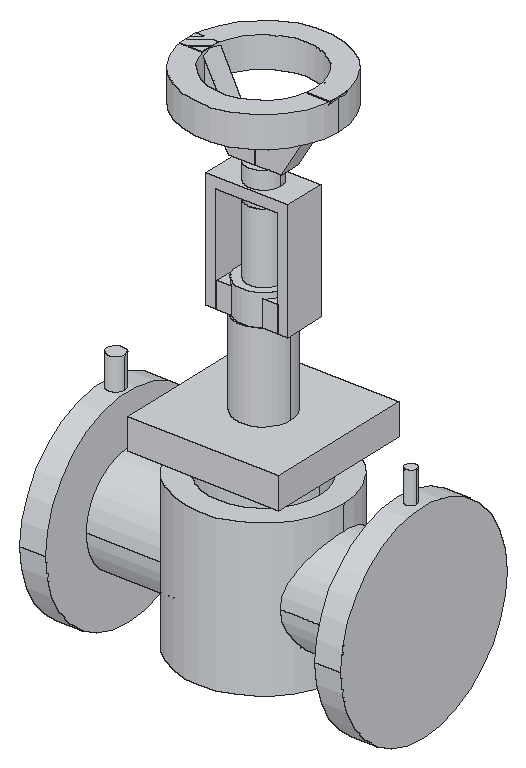
Revit family "Sigma_Compact_DN080-LF_PN16_RFA_2018", category Pipe Accessories, Revit 2018
Family settings
  Round Connector Dimension = Use Diameter
  Part Type = Valve - Breaks Into
  Work Plane-Based = No
  Always vertical = Yes
  Cut with Voids When Loaded = No
  Shared = No
Parameters (values of type "Sigma Compact DN 080 LF PN16")
  magiProductId = "c04670cd33374e61a046fccc79a79b"
  magiProductFamilyId = "111bdfd32e424cd9a1e5f1ca7ea2b6"
  magiPartTypeId = 304
  isMeasuringValve [instance] = no
  ang2D [instance] = 0.00°
  W2D = 50 mm
  VersionID = "2.0/2018.12.13.2/FRESE_SIGMA_C_BIG_Q13_001"
  Use Minimum Symbol Size [instance] = no
  URL = "www.hydronix.cz"
  Type Comments = "přírubový; PN16; max dp=800kPa; 0~+120°C; max uzavírací tlak 1MPa"
  R4 = 54.25 mm
  R3 = 52 mm
  R1 = 77.5 mm
  QmdConnectorList = "301;D;302;D"
  Productdata [instance] = ""
  Manufacturer = "Hydronix"
  Maintenance Zone Under Depth [instance] = 100 mm
  Maintenance Zone Right Depth [instance] = 100 mm
  Maintenance Zone Over Depth [instance] = 100 mm
  Maintenance Zone Left Depth [instance] = 100 mm
  Maintenance Zone Front Depth [instance] = 100 mm
  Maintenance Zone Back Depth [instance] = 100 mm
  Maintenance Zone Front Visibility [instance] = no
  MC Use Limits From Balancing Method = no
  MC Throttling Minimum Value = 0
  MC Throttling Maximum Value = 0
  MC Product Code = "53-2402 DN80; PN16; (5340-34000 l/h); kvs=68"
  MC Pressure Drop Minimum Value = 0.0 Pa
  MC Pressure Drop Maximum Value = 0.0 Pa
  MC Piping Given Pressure Drop [instance] = 0.0 Pa
  LF__ve = -LF  # -24.8 mm
  LF2 = 12.4 mm
  LF = 24.8 mm
  L432 = 25.497 mm
  L43 = 50.995 mm
  L42 = 72.85 mm
  L4 = 145.7 mm
  L3 = 260.4 mm
  L2D_Min = 30.48 mm
  L2D = 230 mm
  L2 = 155 mm
  HH12 = 16.5 mm
  HH1 = 33 mm
  HDF__ve = -HDF  # -213 mm
  HDF = 213 mm
  H6 = 85 mm
  H4 = 30 mm
  H3 = 25 mm
  H2 = 75 mm
  H11 = 150 mm
  H1 = 526 mm
  H = 413 mm
  Description = "Automatický vyvažovací ventil"
  DF2 = 100 mm
  D = 80 mm
  Clearance Zone Height Depth [instance] = 100 mm
  Clearance Zone Circular Radius [instance] = 155 mm
  Clearance Zone Visibility [instance] = no
  CAT0 = yes
Types (9, lengths in mm): name | magiProductId | Type Comments | R4 | R3 | R1 | MC Product Code | LF__ve | LF2 | LF | L432 | L43 | L42 | L4 | L3 | L2 | HH12 | HH1 | HDF__ve | HDF | H4 | H3 | H2 | H11 | H1 | H | DF2 | D | Clearance Zone Circular Radius
  Sigma Compact DN 050 LF PN16 | "7ce002c265594233b83d195dc264f1" | "přírubový; PN16; max dp=800kPa; 0~+120°C; max uzavírací tlak 1MPa" | 40.25 | 42.9 | 57.5 | "53-2400 DN50; PN16; (2480-15000 l/h); kvs=34" | -18.4 | 9.2 | 18.4 | 18.917 | 37.835 | 54.05 | 108.1 | 193.2 | 115 | 16.5 | 33 | -202 | 202 | 24.75 | 20.625 | 61.875 | 123.75 | 480 | 367 | 82.5 | 50 | 115
  Sigma Compact DN 065 LF PN16 | "7b440009bc83499eb1c9a6fd3b4fee" | "přírubový; PN16; max dp=800kPa; 0~+120°C; max uzavírací tlak 1MPa" | 50.75 | 48.1 | 72.5 | "53-2401 DN65; PN16; (4380-25000 l/h); kvs=50" | -23.2 | 11.6 | 23.2 | 23.853 | 47.705 | 68.15 | 136.3 | 243.6 | 145 | 16.5 | 33 | -199 | 199 | 27.75 | 23.125 | 69.375 | 138.75 | 497 | 384 | 92.5 | 65 | 145
  Sigma Compact DN 080 LF PN16 | "c04670cd33374e61a046fccc79a79b" | "přírubový; PN16; max dp=800kPa; 0~+120°C; max uzavírací tlak 1MPa" | 54.25 | 52 | 77.5 | "53-2402 DN80; PN16; (5340-34000 l/h); kvs=68" | -24.8 | 12.4 | 24.8 | 25.497 | 50.995 | 72.85 | 145.7 | 260.4 | 155 | 16.5 | 33 | -213 | 213 | 30 | 25 | 75 | 150 | 526 | 413 | 100 | 80 | 155
  Sigma Compact DN 100 LF PN16 | "e9669c3b3cb042d39f52f9a3f8394b" | "přírubový; PN16; max dp=800kPa; 0~+120°C; max uzavírací tlak 1MPa" | 61.25 | 61.1 | 87.5 | "53-2403 DN100; PN16; (12100-68000 l/h); kvs=115" | -28 | 14 | 28 | 28.788 | 57.575 | 82.25 | 164.5 | 294 | 175 | 34 | 68 | -331 | 331 | 35.25 | 29.375 | 88.125 | 176.25 | 714 | 566 | 117.5 | 100 | 175
  Sigma Compact DN 125 LF PN16 | "72414964175c4f3999d5daaa67221e" | "přírubový; PN16; max dp=800kPa; 0~+120°C; max uzavírací tlak 1MPa" | 70 | 70.2 | 100 | "53-2404 DN125; PN16; (18500-110000 l/h); kvs=186" | -32 | 16 | 32 | 32.9 | 65.8 | 94 | 188 | 336 | 200 | 36.5 | 73 | -338 | 338 | 40.5 | 33.75 | 101.25 | 202.5 | 761 | 608 | 135 | 125 | 200
  Sigma Compact DN 150 LF PN16 | "cb5ac98de80a46389b4a96eb8539c2" | "přírubový; PN16; max dp=800kPa; 0~+110°C; max uzavírací tlak 1MPa" | 84 | 74.1 | 120 | "53-2405 DN150; PN16; (25600-148000 l/h); kvs=250" | -38.4 | 19.2 | 38.4 | 39.48 | 78.96 | 112.8 | 225.6 | 403.2 | 240 | 13 | 26 | -391 | 391 | 42.75 | 35.625 | 106.875 | 213.75 | 782 | 676 | 142.5 | 150 | 240
  Sigma Compact DN 200 LF PN16 | "bd9983fcf82240be8b5626661ef83b" | "přírubový; PN16; max dp=800kPa; 0~+110°C; max uzavírací tlak 1MPa" | 105 | 98.8 | 150 | "53-2406 DN200; PN16; (95000-210000 l/h); kvs=371" | -48 | 24 | 48 | 49.35 | 98.7 | 141 | 282 | 504 | 300 | 29.5 | 59 | -334 | 334 | 57 | 47.5 | 142.5 | 285 | 853 | 714 | 190 | 200 | 300
  Sigma Compact DN 250 LF PN16 | "6516628c9ce0481f89e5702e575104" | "přírubový; PN16; max dp=800kPa; 0~+110°C; max uzavírací tlak 1MPa" | 127.75 | 115.44 | 182.5 | "53-2407 DN250; PN16; (190000-475000 l/h); kvs=803" | -58.4 | 29.2 | 58.4 | 60.042 | 120.085 | 171.55 | 343.1 | 613.2 | 365 | 29 | 58 | -462 | 462 | 66.6 | 55.5 | 166.5 | 333 | 1044 | 906 | 222 | 250 | 365
  Sigma Compact DN 300 LF PN16 | "f16ecb3a8ad443e99405ecd1e4779a" | "přírubový; PN16; max dp=800kPa; 0~+110°C; max uzavírací tlak 1MPa" | 148.75 | 135.2 | 212.5 | "53-2408 DN300; PN16; (190000-475000 l/h); kvs=803" | -68 | 34 | 68 | 69.912 | 139.825 | 199.75 | 399.5 | 714 | 425 | 29 | 58 | -424 | 424 | 78 | 65 | 195 | 390 | 1082 | 944 | 260 | 300 | 425
Reference planes
  plane 1 "Center (Front/Back)": y = 0
  plane 2 "XYPLANE": z = 0
  plane 3 "Center (Left/Right)": x = 0
  plane 4 "298": y = -200
  plane 5 "297": y = 200
  plane 6 "296": y = -100
  plane 7 "295": y = 100
  plane 8 "294": z = -200
  plane 9 "293": z = 526
  plane 10 "292": x = -255
  plane 11 "291": x = 255
  plane 12 "290": z = 526
  plane 13 "256": y = -20
  plane 14 "254": z = 319.5
  plane 15 "253": z = 329.5
  plane 16 "252": x = -40
  plane 17 "251": x = -30
  plane 18 "250": x = 40
  plane 19 "249": x = 30
  plane 20 "247": z = 215
  plane 21 "244": z = 313
  plane 22 "243": x = 72.85
  plane 23 "242": x = 50.995
  plane 24 "241": x = 25.497
  plane 25 "240": y = -10
  plane 26 "238": x = -25.497
  plane 27 "237": x = -50.995
  plane 28 "236": z = 346
  plane 29 "235": z = 376
  plane 30 "234": x = -72.85
  plane 31 "225": z = 426
  plane 32 "224": z = -100
  plane 33 "157": x = 142.6
  plane 34 "156": x = -142.6
  plane 35 "155": z = 100
  plane 36 "154": z = 130
  plane 37 "153": z = 100
  plane 38 "152": z = 75
  plane 39 "151": x = -130.2
  plane 40 "150": z = -75
  plane 41 "149": x = 0
  plane 42 "148": y = 0
  plane 43 "147": z = 0
  plane 44 "146": x = -155
  plane 45 "145": x = 155
Forms (mm)
  Blend 1, solid, visible <- "Maintenance Zone Front Visibility"
    base sketch origin (-750, 0, 526) x (1, 0, 0) y (0, 1, 0)
      loop
        line (495, 200) -> (495, -200) -> (1005, -200) -> (1005, 200) -> (495, 200)
    top sketch origin (-750, 0, 526) x (1, 0, 0) y (0, 1, 0)
      loop
        line (495, 200) -> (495, -200) -> (1005, -200) -> (1005, 200) -> (495, 200)
    from 0 to -726
  Blend 2, solid, visible <- "Clearance Zone Visibility"
    base sketch origin (-750, 0, 0) x (1, 0, 0) y (0, 1, 0)
      loop
        circle (750, 0) r 155
    top sketch origin (-750, 0, 0) x (1, 0, 0) y (0, 1, 0)
      loop
        circle (750, 0) r 155
    from 0 to 526
  Extrusion 3, solid
    sketch origin (-750, 0, 313) x (1, 0, 0) y (0, 1, 0)
      loop
        circle (750, 0) r 16.58
    from 0 to -213 <- "HDF__ve"
  Extrusion 4, solid
    sketch origin (-750, 0, 215) x (1, 0, 0) y (0, 1, 0)
      loop
        line (780, 20) -> (720, 20) -> (720, -20) -> (780, -20) -> (780, 20)
    from 0 to 25
  Extrusion 5, solid
    sketch origin (750, -20, 0) x (-1, 0, 0) y (0, 0, 1)
      loop
        line (790, 215) -> (790, 329.5) -> (710, 329.5) -> (710, 215) -> (720, 215) -> (720, 319.5) -> (780, 319.5) -> (780, 215) -> (790, 215)
    from 0 to 40
  Extrusion 6, solid
    sketch origin (-750, 0, 215) x (1, 0, 0) y (0, 1, 0)
      loop
        circle (750, 0) r 25
    from 0 to 30
  Extrusion 7, solid
    sketch origin (750, -10, 0) x (-1, 0, 0) y (0, 0, 1)
      loop
        line (800.995, 426) -> (775.497, 376) -> (750, 376) -> (750, 346) -> (775.497, 346) -> (822.85, 426) -> (800.995, 426)
    from 0 to 20
  Extrusion 8, solid
    sketch origin (750, -10, 0) x (-1, 0, 0) y (0, 0, 1)
      loop
        line (699.005, 426) -> (677.15, 426) -> (724.503, 346) -> (750, 346) -> (750, 376) -> (724.503, 376) -> (699.005, 426)
    from 0 to 20
  Extrusion 9, solid
    sketch origin (-750, 0, 313) x (1, 0, 0) y (0, 1, 0)
      loop
        circle (750, 0) r 16.58
    from 0 to 33 <- "HH1"
  Extrusion 10, solid
    sketch origin (-750, 0, 426) x (1, 0, 0) y (0, 1, 0)
      loop
        circle (750, 0) r 72.85
      loop
        circle (750, 0) r 50.995
    from 0 to -30
  Extrusion 11, solid, visible <- "CAT0"
    sketch origin (-750, 0, 100) x (1, 0, 0) y (0, 1, 0)
      loop
        circle (892.6, 0) r 5.5
    from 0 to 30
  Extrusion 12, solid, visible <- "CAT0"
    sketch origin (-750, 0, 100) x (1, 0, 0) y (0, 1, 0)
      loop
        circle (607.4, 0) r 8.7
    from 0 to 30
  Extrusion 13, solid, visible <- "CAT0"
    sketch origin (-750, 0, 130) x (1, 0, 0) y (0, 1, 0)
      loop
        circle (750, 0) r 26.58
    from 0 to 85 <- "H6"
  Extrusion 14, solid, visible <- "CAT0"
    sketch origin (-750, 0, 100) x (1, 0, 0) y (0, 1, 0)
      loop
        line (822.85, 72.85) -> (677.15, 72.85) -> (677.15, -72.85) -> (822.85, -72.85) -> (822.85, 72.85)
    from 0 to 30 <- "H4"
  Extrusion 15, solid, visible <- "CAT0"
    sketch origin (-750, 0, 75) x (1, 0, 0) y (0, 1, 0)
      loop
        circle (750, 0) r 54.25
    from 0 to 25 <- "H3"
  Extrusion 16, solid, visible <- "CAT0"
    sketch origin (-130.2, -750, 0) x (0, 1, 0) y (0, 0, 1)
      loop
        circle (750, 0) r 52
    from 0 to 260.4 <- "L3"
  Extrusion 17, solid, visible <- "CAT0"
    sketch origin (-750, 0, -75) x (1, 0, 0) y (0, 1, 0)
      loop
        circle (750, 0) r 77.5
    from 0 to 150 <- "H11"
  Extrusion 18, solid, visible <- "CAT0"
    sketch origin (-155, -750, 0) x (0, 1, 0) y (0, 0, 1)
      loop
        circle (750, 0) r 100
    from 0 to 24.8 <- "LF"
  Extrusion 19, solid, visible <- "CAT0"
    sketch origin (155, -750, 0) x (0, 1, 0) y (0, 0, 1)
      loop
        circle (750, 0) r 100
    from 0 to -24.8 <- "LF__ve"
  Extrusion 20, solid, not visible
    sketch origin (-155, -750, 0) x (0, 1, 0) y (0, 0, 1)
      loop
        circle (750, 0) r 10
    from 0 to 10
  Extrusion 21, solid, not visible
    sketch origin (155, -750, 0) x (0, 1, 0) y (0, 0, 1)
      loop
        circle (750, 0) r 10
    from 0 to -10
Lines and regions (mm)
  reference lines, not visible
    curve 1: circle (2, 2, 0) r 1 normal (0, 0, 1)
  reference lines
    curve 2: circle (0, 0, 100) r 1 normal (0, 0, 1)
Dimensions and locks
  plane 1 "Center (Front/Back)" to curve 1 = 2 mm
  "Maintenance Zone Front Depth": plane 6 "296" to plane 4 "298"
  "Maintenance Zone Back Depth": plane 7 "295" to plane 5 "297"
  "DF2": plane 42 "148" to plane 6 "296"
  "DF2": plane 42 "148" to plane 7 "295"
  "Maintenance Zone Under Depth": plane 32 "224" to plane 8 "294"
  "Maintenance Zone Over Depth": plane 31 "225" to plane 9 "293"
  "Maintenance Zone Left Depth": plane 44 "146" to plane 10 "292"
  "Maintenance Zone Right Depth": plane 45 "145" to plane 11 "291"
  "Clearance Zone Height Depth": plane 31 "225" to plane 12 "290"
  locked: plane 25 "240" to plane 13 "256" at 10
  locked: plane 15 "253" to plane 14 "254" at 10
  "HH12": plane 21 "244" to plane 15 "253"
  locked: plane 17 "251" to plane 16 "252" at 10
  locked: plane 41 "149" to plane 17 "251" at 30
  locked: plane 19 "249" to plane 18 "250" at 10
  locked: plane 41 "149" to plane 19 "249" at 30
  "H6": plane 36 "154" to plane 20 "247"
  "H": plane 32 "224" to plane 21 "244"
  "L42": plane 41 "149" to plane 22 "243"
  "L43": plane 41 "149" to plane 23 "242"
  "L432": plane 41 "149" to plane 24 "241"
  locked: plane 42 "148" to plane 25 "240" at 10
  "L432": plane 41 "149" to plane 26 "238"
  "L43": plane 41 "149" to plane 27 "237"
  locked: plane 29 "235" to plane 28 "236" at 30
  locked: plane 31 "225" to plane 29 "235" at 50
  "L42": plane 41 "149" to plane 30 "234"
  "H1": plane 32 "224" to plane 31 "225"
  "DF2": plane 2 "XYPLANE" to plane 32 "224"
  "LF2": plane 45 "145" to plane 33 "157"
  "LF2": plane 44 "146" to plane 34 "156"
  "DF2": plane 2 "XYPLANE" to plane 35 "155"
  "H4": plane 37 "153" to plane 36 "154"
  "H3": plane 38 "152" to plane 37 "153"
  "H11": plane 40 "150" to plane 38 "152"
  "LF": plane 44 "146" to plane 39 "151"
  "H2": plane 2 "XYPLANE" to plane 40 "150"
  locked: plane 3 "Center (Left/Right)" to plane 41 "149"
  locked: plane 1 "Center (Front/Back)" to plane 42 "148"
  locked: plane 2 "XYPLANE" to plane 43 "147"
  "L2": plane 3 "Center (Left/Right)" to plane 44 "146"
  "L2": plane 3 "Center (Left/Right)" to plane 45 "145"
  Blend 1 sketch curve to Blend 1 sketch curve = 0 mm  (x16)
  Extrusion 4 sketch curve to Extrusion 4 sketch curve = 0 mm  (x8)
  Extrusion 5 sketch curve to Extrusion 5 sketch curve = 0 mm  (x16)
  Extrusion 7 sketch curve to Extrusion 7 sketch curve = 0 mm  (x12)
  Extrusion 8 sketch curve to Extrusion 8 sketch curve = 0 mm  (x12)
  equal spacing: Extrusion 14 sketch curve, curve 2, Extrusion 14 sketch curve  (x2)
  "L4": Extrusion 14 sketch curve to Extrusion 14 sketch curve  (x2)
  Extrusion 14 sketch curve to Extrusion 14 sketch curve = 0 mm  (x8)
  "Clearance Zone Circular Radius": radius of Blend 2 sketch curve  (x2)
  "L42": radius of Extrusion 10 sketch curve
  "L43": radius of Extrusion 10 sketch curve
  "R4": radius of Extrusion 15 sketch curve
  "R3": radius of Extrusion 16 sketch curve
  "R1": radius of Extrusion 17 sketch curve
  "DF2": radius of Extrusion 18 sketch curve
  "DF2": radius of Extrusion 19 sketch curve
  aligned and locked: level to plane 2 "XYPLANE"
  aligned and locked: Blend 1 sketch curve to plane 5 "297"  (x2)
  aligned and locked: plane 10 "292" to Blend 1 sketch curve  (x4)
  aligned and locked: plane 11 "291" to Blend 1 sketch curve  (x4)
  aligned and locked: plane 5 "297" to Blend 1 sketch curve  (x2)
  aligned and locked: plane 4 "298" to Blend 1 sketch curve  (x4)
  aligned and locked: Blend 1 to plane 8 "294"
  aligned and locked: plane 41 "149" to Blend 2 sketch curve  (x2)
  aligned and locked: plane 42 "148" to Blend 2 sketch curve  (x2)
  aligned and locked: plane 12 "290" to Blend 2
  aligned and locked: plane 41 "149" to Extrusion 3 sketch curve
  aligned and locked: plane 42 "148" to Extrusion 3 sketch curve
  aligned and locked: Extrusion 5 sketch curve to plane 16 "252"
  aligned and locked: plane 20 "247" to Extrusion 5 sketch curve  (x4)
  aligned and locked: plane 15 "253" to Extrusion 5 sketch curve  (x2)
  aligned and locked: plane 16 "252" to Extrusion 5 sketch curve
  aligned and locked: plane 18 "250" to Extrusion 5 sketch curve  (x2)
  aligned and locked: plane 19 "249" to Extrusion 5 sketch curve  (x2)
  aligned and locked: plane 14 "254" to Extrusion 5 sketch curve  (x2)
  aligned and locked: plane 17 "251" to Extrusion 5 sketch curve  (x2)
  aligned and locked: plane 41 "149" to Extrusion 6 sketch curve
  aligned and locked: plane 42 "148" to Extrusion 6 sketch curve
  aligned and locked: plane 27 "237" to Extrusion 7 sketch curve
  aligned and locked: plane 31 "225" to Extrusion 7 sketch curve  (x2)
  aligned and locked: plane 26 "238" to Extrusion 7 sketch curve  (x2)
  aligned and locked: plane 29 "235" to Extrusion 7 sketch curve  (x2)
  aligned and locked: plane 41 "149" to Extrusion 7 sketch curve  (x2)
  aligned and locked: plane 28 "236" to Extrusion 7 sketch curve  (x2)
  aligned and locked: plane 30 "234" to Extrusion 7 sketch curve
  aligned and locked: plane 23 "242" to Extrusion 8 sketch curve
  aligned and locked: plane 31 "225" to Extrusion 8 sketch curve  (x2)
  aligned and locked: plane 24 "241" to Extrusion 8 sketch curve  (x2)
  aligned and locked: plane 29 "235" to Extrusion 8 sketch curve  (x2)
  aligned and locked: plane 41 "149" to Extrusion 8 sketch curve  (x2)
  aligned and locked: plane 28 "236" to Extrusion 8 sketch curve  (x2)
  aligned and locked: plane 22 "243" to Extrusion 8 sketch curve
  aligned and locked: plane 41 "149" to Extrusion 9 sketch curve
  aligned and locked: plane 42 "148" to Extrusion 9 sketch curve
  aligned and locked: plane 41 "149" to Extrusion 10 sketch curve  (x2)
  aligned and locked: plane 42 "148" to Extrusion 10 sketch curve  (x2)
  aligned and locked: plane 33 "157" to Extrusion 11 sketch curve
  aligned and locked: plane 42 "148" to Extrusion 11 sketch curve
  aligned and locked: plane 34 "156" to Extrusion 12 sketch curve
  aligned and locked: plane 42 "148" to Extrusion 12 sketch curve
  aligned and locked: plane 41 "149" to Extrusion 13 sketch curve
  aligned and locked: plane 42 "148" to Extrusion 13 sketch curve
  aligned and locked: plane 41 "149" to curve 2
  aligned and locked: plane 42 "148" to curve 2
  aligned and locked: plane 41 "149" to Extrusion 15 sketch curve
  aligned and locked: plane 42 "148" to Extrusion 15 sketch curve
  aligned and locked: Extrusion 16 sketch curve to plane 42 "148"
  aligned and locked: plane 43 "147" to Extrusion 16 sketch curve
  aligned and locked: plane 41 "149" to Extrusion 17 sketch curve
  aligned and locked: plane 42 "148" to Extrusion 17 sketch curve
  aligned and locked: Extrusion 18 sketch curve to plane 42 "148"
  aligned and locked: plane 43 "147" to Extrusion 18 sketch curve
  aligned and locked: Extrusion 19 sketch curve to plane 42 "148"
  aligned and locked: plane 43 "147" to Extrusion 19 sketch curve
  aligned and locked: Extrusion 20 sketch curve to plane 42 "148"
  aligned and locked: plane 43 "147" to Extrusion 20 sketch curve
  aligned and locked: Extrusion 21 sketch curve to plane 42 "148"
  aligned and locked: plane 43 "147" to Extrusion 21 sketch curve
Automatic sketch dimensions
  plane 26 "238" to Extrusion 3 sketch curve = 8.917 mm
  Extrusion 4 sketch curve to plane 17 "251" = 0 mm
  Extrusion 4 sketch curve to plane 13 "256" = 0 mm
  Extrusion 4 sketch curve to plane 19 "249" = 0 mm
  Extrusion 4 sketch curve to plane 1 "Center (Front/Back)" = 20 mm
  plane 17 "251" to Extrusion 6 sketch curve = 5 mm
  plane 26 "238" to Extrusion 9 sketch curve = 8.917 mm
  Extrusion 11 sketch curve to plane 33 "157" = 5.5 mm
  plane 44 "146" to Extrusion 12 sketch curve = 3.7 mm
  Extrusion 13 sketch curve to plane 26 "238" = 1.083 mm
  Extrusion 20 sketch curve to plane 25 "240" = 0 mm
  Extrusion 21 sketch curve to plane 25 "240" = 0 mm
  plane 3 "Center (Left/Right)" to curve 1 = 2 mm
  Extrusion 14 sketch curve to plane 30 "234" = 0 mm
  plane 6 "296" to Extrusion 14 sketch curve = 27.15 mm
  radius of curve 2 = 1 mm
  radius of curve 1 = 1 mm
Connectors
  piping at (-155, 0, 0), diameter 80, driven by "D"
    settings: on Extrusion 20, index 1, connector inside diameter 609.6 mm, connector length 0 mm, flow factor 0, pipe flow 0.0 L/s, pressure drop 0.0 Pa, fitting loss kfactor 0, connector angle 0.00°, fixture units 0, engagement length 0 mm, angle of deflection 0.00°, flow configuration 0, flow direction 0, fitting loss method 0, system type 29, joint type 0, gender type 0, connector reference index 2, connector utility 0, adjustable connector no, is connector primary yes, connector description ""
  piping at (155, 0, 0), diameter 80, driven by "D"
    settings: on Extrusion 21, index 2, connector inside diameter 609.6 mm, connector length 0 mm, flow factor 0, pipe flow 0.0 L/s, pressure drop 0.0 Pa, fitting loss kfactor 0, connector angle 0.00°, fixture units 0, engagement length 0 mm, angle of deflection 0.00°, flow configuration 0, flow direction 0, fitting loss method 0, system type 29, joint type 0, gender type 0, connector reference index 1, connector utility 0, adjustable connector no, is connector primary no, connector description ""
